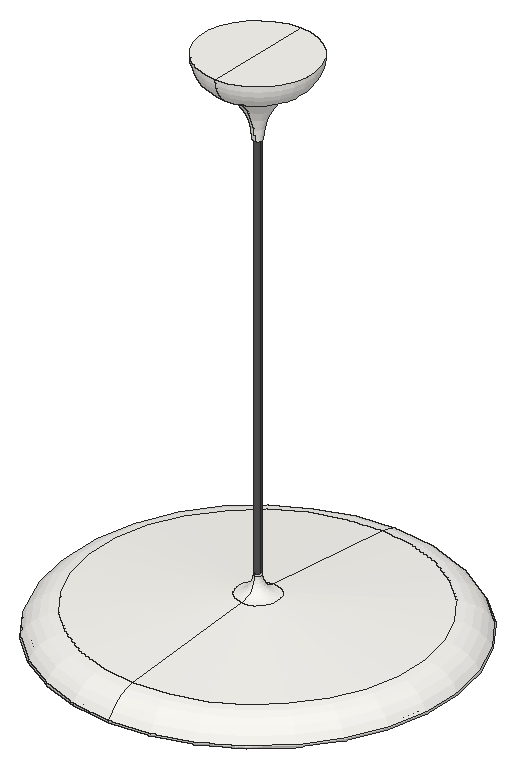
Revit family "Lighting_Pendants_Nordlux_Artist_40", category Lighting Fixtures, host Ceiling, Revit 2017
Family settings
  Host = Ceiling
  Round Connector Dimension = Use Diameter
  Part Type = Normal
  OmniClass Number = 23.80.70.11
  OmniClass Title = Luminaries for Internal Lighting
  Always vertical = Yes
  Cut with Voids When Loaded = No
  Light Source = Yes
  Shared = No
  Room Calculation Point = No
Parameters (values of type "Artist 40 - silver")
  Wattage = 9.82887 W
  WarrantyStartDate [instance] = "n/a"
  WarrantyGuarantorParts = "n/a"
  WarrantyGuarantorLabor = "n/a"
  WarrantyDurationUnit = "Hours"
  WarrantyDurationParts = "n/a"
  WarrantyDurationLabor = "n/a"
  WarrantyDescription = "n/a"
  built-in parameter 1150110 = 1 (stored number, unit not read)
  VersionDate = "01/07/2020"  # constant formula
  Version = "1"  # constant formula
  UsageCurrent = 0 A
  Uniclass2015Reference = "Pr_70_70_48_62"
  Uniclass2015Description = "Pendant  luminaires"
  Uniclass2 = "Pr_70_70_49_86"
  URL = "https://www.nordlux.com/products/product/83093054"
  TotalWattage = 24 W
  built-in parameter 1114217 = 1 (stored number, unit not read)
  Tilt Angle = 90.00°
  built-in parameter 1150109 = 1 (stored number, unit not read)
  built-in parameter 1150134 = (empty or 0)
  TagNumber [instance] = "n/a"
  SustainabilityPerformance = "n/a"
  built-in parameter 1150113 = 1 (stored number, unit not read)
  Socket = "LED MODUL"
  Size = "Shade: 400x400x60 mm / Canopy: 114x114x82 mm"
  Shape = "Sculptured"
  SerialNumber [instance] = "n/a"
  Revision = "1"  # constant formula
  ReplacementCost = "n/a"
  ProductInformation = "n/a"
  Product data url = "https://www.bimobject.com/nordlux/product/artist_40_pendant_led"
  Photometric Web File = "8309 Artist 40.ies"
  PhaseReference = "n/a"
  PhaseAngle = 0.00°
  NumberOfSources = 0
  NumberOfPoles = 1
  NominalWidth = NominalDiameter  # 400 mm
  NominalVoltageCalc = 0 V
  NominalVoltage = 230 V
  NominalRadius = NominalDiameter / 2  # 200 mm
  NominalLength = NominalDiameter  # 400 mm
  NominalHeight [instance] = CableLengthControl + 60 mm  # 560 mm
  NominalFrequencyRange = 50 Hz
  NominalDiameter = 400 mm
  NominalCurrent = 0 A
  Name = "Artist_40"  # constant formula
  NBSReference = "90-60-50/405"
  NBSDescription = "General purpose luminaires"
  ModelReference = ArticleNumber  # "83093054"
  ModelNumber = "n/a"
  Model = "Artist 40 - silver"
  Material = "Metal, plastic & textile"
  ManufacturersSpecificInformation = "n/a"
  ManufacturerURL = "https://www.nordlux.com/"
  ManufacturerName = "Nordlux"
  Manufacturer = "Nordlux"
  MaintenanceFactor = 0
  Lumens = 1460 lm
  LuminairePowerFactor = "0.98"
  built-in parameter 1150115 = 1 (stored number, unit not read)
  built-in parameter 1150105 = 505.18 (stored number, unit not read)
  LightSource = "Incl. 24W LED"
  LightFixtureSecondaryMaterial = Black cable
  LightFixturePlacingType = "Ceilling"
  LightFixtureMountingType = "Suspended"
  LightFixtureMainMaterial = Silver
  built-in parameter 1150137 = (empty or 0)
  built-in parameter 1150139 = (empty or 0)
  LensMaterial = Glass
  built-in parameter 1150112 = 1 (stored number, unit not read)
  built-in parameter 1150114 = 1 (stored number, unit not read)
  InsulationStandardClass = "Class 2 (Double isolated)"
  InstallationDate [instance] = "n/a"
  built-in parameter 1150132 = 2
  built-in parameter 1150102 = (empty or 0)
  built-in parameter 1150138 = (empty or 0)
  built-in parameter 1150107 = 2700 (stored number, unit not read)
  built-in parameter 1150106 = 5.0518 (stored number, unit not read)
  IfcExportType = "NOTDEFINED"  # constant formula
  IfcExportAs = "IfcLightFixtureType"  # constant formula
  IP_Code = "IP20"
  HasProtectiveEarth = no
  Grade = "n/a"
  Finish = "Primary material metal, secondary material plastic, textile cable."
  Features = "Textile cable 300cm. Cable can not be replaced."
  ExpectedLife = "20.000"
  EnergyClass = "A - A++"
  Emit from Circle Diameter = 380 mm
  Emit Shape Visible in Rendering = no
  ElectricalDeviceNominalPower = 0
  built-in parameter 1150104 = 13.8 (stored number, unit not read)
  EANNumber = "5701581386983"
  DurationUnit = "Hours"
  Dimming Lamp Color Temperature Shift = <None>
  Designer = "Bonnelycke MDD"
  Description = "With its timeless design and simple shape, ARTIST is a beautiful candidate for a future classic. As the name suggests, Artist is modeled on the world of music – inspired by a drum kit cymbal."
  DefaultElevation = 0 mm
  ConvergoRefNr = "0143-1909-0002-DK"
  Constituents = "n/a"
  ColourIndexRA = "80"
  Color Filter = 16777215
  Color = "Silver"
  Collection = "Artist"
  CodePerformance = "n/a"
  Category = "Indoor lighting"
  CableLengthControl [instance] = if(CableLength < 250 mm, 250 mm, if(CableLength > 3000 mm, 3000 mm, CableLength))  # 500 mm
  CableLength [instance] = 500 mm
  Brand = "Nordlux"
  Barcode [instance] = "n/a"
  built-in parameter 1114218 = 1 (stored number, unit not read)
  BIMObjectName = "Lighting_Pendants_Nordlux_Artist_40"  # constant formula
  Author = "Convergo AB"  # constant formula
  built-in parameter 1150133 = 10 (stored number, unit not read)
  AssetType = "Fixed"
  AssetIdentifier [instance] = "n/a"
  ArticleNumber = "83093054"
  AccessibilityPerformance = "n/a"
Types (4, lengths in mm): name | URL | ModelReference | Model | built-in parameter 1150105 | LightFixtureSecondaryMaterial | LightFixtureMainMaterial | built-in parameter 1150106 | EANNumber | Color | ArticleNumber
  Artist 40 - black | "https://www.nordlux.com/products/product/83093003" | "83093003" | "Artist 40 - black" | 526.88 (stored number, unit not read) | Black cable | Black | 5.2688 (stored number, unit not read) | "5701581345584" | "Black" | "83093003"
  Artist 40 - grey | "https://www.nordlux.com/products/product/83093010" | "83093010" | "Artist 40 - grey" | 526.88 (stored number, unit not read) | Grey cable | Grey | 5.2688 (stored number, unit not read) | "5701581301283" | "Grey" | "83093010"
  Artist 40 - copper | "https://www.nordlux.com/products/product/83093030" | "83093030" | "Artist 40 - copper" | 526.88 (stored number, unit not read) | Black cable | Copper | 5.2688 (stored number, unit not read) | "5701581301382" | "Copper" | "83093030"
  Artist 40 - silver | "https://www.nordlux.com/products/product/83093054" | "83093054" | "Artist 40 - silver" | 505.18 (stored number, unit not read) | Black cable | Silver | 5.0518 (stored number, unit not read) | "5701581386983" | "Silver" | "83093054"
Reference planes
  plane 1 "Light Source Axis (F/B)": y = 0
  plane 2: z = 0
  plane 3 "Light Source Axis (L/R)": x = 0
  plane 4 "Ceiling": z = 4000
  plane 5 "Light Source Elevation": z = 3442
  plane 6: z = 3500
  plane 7: z = 3440
  plane 8: x = -200
  plane 9: y = 200
  plane 10: x = 200
  plane 11: y = -200
Forms (mm)
  Extrusion 1, solid, material "Silver" <- "LightFixtureMainMaterial", detail levels coarse
    sketch origin (0, 0, 3442) x (-1, 0, 0) y (0, -1, 0)
      loop
        line (200, -200) -> (200, 200) -> (-200, 200) -> (-200, -200) -> (200, -200)
    from -2 to 558
Dimensions and locks
  equal spacing: host sketch curve, plane 3 "Light Source Axis (L/R)", host sketch curve
  equal spacing: host sketch curve, plane 1 "Light Source Axis (F/B)", host sketch curve
  host sketch curve to host sketch curve = 4000 mm  (x2)
  locked: plane 4 "Ceiling" to host ceiling at 0
  "CableLengthControl": plane 6 to plane 4 "Ceiling"
  locked: plane 7 to plane 5 "Light Source Elevation" at 2
  equal spacing: plane 11, plane 1 "Light Source Axis (F/B)", plane 9
  "NominalDiameter": plane 9 to plane 11
  equal spacing: plane 8, plane 3 "Light Source Axis (L/R)", plane 10
  "NominalDiameter": plane 8 to plane 10
  "NominalHeight": plane 7 to plane 4 "Ceiling"
  aligned and locked: plane 3 "Light Source Axis (L/R)" to imposter light
  aligned and locked: plane 1 "Light Source Axis (F/B)" to imposter light
  aligned and locked: plane 5 "Light Source Elevation" to imposter light
  aligned and locked: nested 1 to plane 6
  aligned and locked: nested 2 to plane 4 "Ceiling"
  aligned and locked: Extrusion 1 to plane 4 "Ceiling"
  aligned and locked: Extrusion 1 to plane 7
  aligned and locked: plane 9 to Extrusion 1 sketch curve
  aligned and locked: plane 10 to Extrusion 1 sketch curve
  aligned and locked: plane 11 to Extrusion 1 sketch curve
  aligned and locked: plane 8 to Extrusion 1 sketch curve
Nested families
  nested 1: "Artist_40" at (0, 0, 3440), Metal <- "LightFixtureMainMaterial", Glass <- "LensMaterial", type "Artist_40"
    with Metal Silver, Glass Glass
  nested 2: "Artist_Cable" at (0, 0, 4000) x (1, 0, 0) z (0, 0, -1), CableLength <- "CableLengthControl", Metal <- "LightFixtureMainMaterial", Cable <- "LightFixtureSecondaryMaterial", type "Artist_Cable"
    with Metal Silver, CableLength 500 mm, Cable Black cable
Connectors
  electrical at (0, 0, 4000), driven by "NominalVoltage", driven by "NumberOfPoles"
    settings: on nested 2, index 1, voltage 230 V, apparent load 0 VA, apparent load phase1 0 VA, apparent load phase2 0 VA, apparent load phase3 0 VA, power factor 1, load classification "Other", number of poles 1, system type 31, power factor state 1, is connector primary yes, connector utility no, sub classification motor no, connector description ""
Definition of nested family "Artist_40"
  Parameters (values of type "Artist_40")
    Glass [instance] = none
    Metal [instance] = none
  Reference planes
    plane 1 "Center (Front/Back)": y = 0
    plane 2: z = 0
    plane 3 "Center (Left/Right)": x = 0
    plane 4: z = 60
    plane 5: z = 2
    plane 6: x = -199.998
    plane 7: y = 199.998
    plane 8: y = -199.998
    plane 9: x = 199.998
  Forms (mm)
    Revolve 1, solid, material <- "Metal", detail levels medium+fine
      sketch origin (0, 0, 0) x (0, 1, 0) y (0, 0, 1)
        loop
          line (0, 2) -> (198.04, 2)
          arc (198.04, 2) -> (199.717, 2.932) -> (199.81, 4.847) r 1.973
          arc (199.81, 4.847) -> (186.572, 20.096) -> (167.56, 26.901) r 39.863
          line (167.56, 26.901) -> (21.088, 39.774)
          arc (21.088, 39.774) -> (8.74, 45.868) -> (3.75, 58.702) r 19.001
          line (3.75, 58.702) -> (3.75, 60) -> (0, 60) -> (0, 2)
        axis (0, 60) -> (0, 2)
      angle from 0 to 360
    Revolve 2, solid, material <- "Glass", detail levels medium+fine
      sketch origin (0, 25, 0) x (0, 1, 0) y (0, 0, 1)
        loop
          line (-25, 0) -> (163.671, 0)
          arc (163.671, 0) -> (165.085, 0.586) -> (165.671, 2) r 2
          line (165.671, 2) -> (-25, 2) -> (-25, 0)
        axis (-25, 2) -> (-25, 0)
      angle from 0 to 360
  Lines and regions (mm)
    symbolic lines, detail levels medium+fine
      curve 1: circle (0, 0, 0) r 200 normal (0, 0, 1)
      curve 5: line (0, 3.75, 58.702) -> (0, 3.75, 60)
      curve 6: line (0, -3.75, 58.702) -> (0, -3.75, 60)
      curve 7: line (0, 3.75, 60) -> (0, 3, 60)
      curve 8: line (0, -3.75, 60) -> (0, -3, 60)
      curve 11: line (-3, 0, 60) -> (-3.75, 0, 60)
      curve 12: line (3, 0, 60) -> (3.75, 0, 60)
      curve 13: line (3.75, 0, 58.702) -> (3.75, 0, 60)
      curve 14: line (-3.75, 0, 58.702) -> (-3.75, 0, 60)
      curve 15: arc (0, 21.088, 39.774) -> (0, 8.74, 45.868) -> (0, 3.75, 58.702) r 19.001
      curve 16: line (0, 167.56, 26.901) -> (0, 21.088, 39.774)
      curve 17: arc (0, 199.81, 4.847) -> (0, 186.572, 20.096) -> (0, 167.56, 26.901) r 39.863
      curve 18: arc (0, 198.04, 2) -> (0, 199.717, 2.932) -> (0, 199.81, 4.847) r 1.973
      curve 19: line (0, 198.04, 2) -> (0, 190.671, 2)
      curve 20: arc (0, 188.671, 0) -> (0, 190.085, 0.586) -> (0, 190.671, 2) r 2
      curve 21: line (0, 188.671, 0) -> (0, 0, 0)
      curve 23: arc (0, -21.088, 39.774) -> (0, -8.74, 45.868) -> (0, -3.75, 58.702) r 19.001
      curve 24: line (0, -167.56, 26.901) -> (0, -21.088, 39.774)
      curve 25: arc (0, -199.81, 4.847) -> (0, -186.572, 20.096) -> (0, -167.56, 26.901) r 39.863
      curve 26: arc (0, -198.04, 2) -> (0, -199.717, 2.932) -> (0, -199.81, 4.847) r 1.973
      curve 27: line (0, -198.04, 2) -> (0, -190.671, 2)
      curve 29: line (0, -188.671, 0) -> (0, 0, 0)
      curve 30: arc (0, -188.671, 0) -> (0, -190.085, 0.586) -> (0, -190.671, 2) r 2
      curve 31: arc (-3.75, 0, 58.702) -> (-8.74, 0, 45.868) -> (-21.088, 0, 39.774) r 19.001
      curve 32: line (-21.088, 0, 39.774) -> (-167.56, 0, 26.901)
      curve 33: arc (-167.56, 0, 26.901) -> (-186.572, 0, 20.096) -> (-199.81, 0, 4.847) r 39.863
      curve 34: arc (-199.81, 0, 4.847) -> (-199.717, 0, 2.932) -> (-198.04, 0, 2) r 1.973
      curve 36: arc (-190.671, 0, 2) -> (-190.085, 0, 0.586) -> (-188.671, 0, 0) r 2
      curve 37: line (0, 0, 0) -> (-188.671, 0, 0)
      curve 38: line (-190.671, 0, 2) -> (-198.04, 0, 2)
      curve 39: arc (3.75, 0, 58.702) -> (8.74, 0, 45.868) -> (21.088, 0, 39.774) r 19.001
      curve 40: line (21.088, 0, 39.774) -> (167.56, 0, 26.901)
      curve 41: arc (167.56, 0, 26.901) -> (186.572, 0, 20.096) -> (199.81, 0, 4.847) r 39.863
      curve 42: arc (199.81, 0, 4.847) -> (199.717, 0, 2.932) -> (198.04, 0, 2) r 1.973
      curve 44: arc (190.671, 0, 2) -> (190.085, 0, 0.586) -> (188.671, 0, 0) r 2
      curve 45: line (0, 0, 0) -> (188.671, 0, 0)
      curve 46: line (190.671, 0, 2) -> (198.04, 0, 2)
    symbolic lines, detail levels fine
      curve 2: circle (0, 0, 0) r 190.671 normal (0, 0, 1)
      curve 3: line (0, 3, 60) -> (0, 0, 60)
      curve 4: line (0, -3, 60) -> (0, 0, 60)
      curve 9: line (0, 0, 60) -> (-3, 0, 60)
      curve 10: line (0, 0, 60) -> (3, 0, 60)
      curve 22: line (0, 190.671, 2) -> (0, 0, 2)
      curve 28: line (0, -190.671, 2) -> (0, 0, 2)
      curve 35: line (0, 0, 2) -> (-190.671, 0, 2)
      curve 43: line (0, 0, 2) -> (190.671, 0, 2)
  Dimensions and locks
    aligned and locked: level to plane 2
Definition of nested family "Artist_Cable"
  Parameters (values of type "Artist_Cable")
    Default Elevation = 1219.2 mm
    CableLength [instance] = 250 mm
    Cable [instance] = none
    Metal [instance] = none
  Reference planes
    plane 1 "Center (Front/Back)": y = 0
    plane 2: z = 0
    plane 3 "Center (Left/Right)": x = 0
  Forms (mm)
    Revolve 1, solid, material <- "Metal", detail levels medium+fine
      sketch origin (0, 0, 0) x (0, 1, 0) y (0, 0, 1)
        loop
          line (4.673, 81.85) -> (0, 81.85) -> (0, 0) -> (57.493, 0)
          arc (57.493, 0) -> (52.513, 16.914) -> (39.163, 28.433) r 31.217
          arc (39.163, 28.433) -> (14.066, 50.071) -> (4.673, 81.85) r 58.741
        axis (0, 81.85) -> (0, 0)
      angle from 0 to 360
    Extrusion 2, solid, material <- "Cable", detail levels medium+fine
      sketch origin (0, 0, 0) x (1, 0, 0) y (0, 1, 0)
        loop
          circle (0, 0) r 3
      from 81.85 to 250 <- "CableLength"
  Lines and regions (mm)
    symbolic lines, detail levels medium+fine
      curve 1: line (0, 57.493, 0) -> (0, 0, 0)
      curve 2: arc (0, 57.493, 0) -> (0, 52.513, 16.914) -> (0, 39.163, 28.433) r 31.217
      curve 3: arc (0, 39.163, 28.433) -> (0, 14.066, 50.071) -> (0, 4.673, 81.85) r 58.741
      curve 4: line (0, 4.673, 81.85) -> (0, 3, 81.85)
      curve 5: line (0, 3, 250) -> (0, 3, 81.85)
      curve 7: line (0, -57.493, 0) -> (0, 0, 0)
      curve 8: arc (0, -57.493, 0) -> (0, -52.513, 16.914) -> (0, -39.163, 28.433) r 31.217
      curve 9: arc (0, -39.163, 28.433) -> (0, -14.066, 50.071) -> (0, -4.673, 81.85) r 58.741
      curve 10: line (0, -4.673, 81.85) -> (0, -3, 81.85)
      curve 11: line (0, -3, 250) -> (0, -3, 81.85)
      curve 13: arc (-39.163, 0, 28.433) -> (-52.513, 0, 16.914) -> (-57.493, 0, 0) r 31.217
      curve 14: line (0, 0, 0) -> (-57.493, 0, 0)
      curve 15: arc (-4.673, 0, 81.85) -> (-14.066, 0, 50.071) -> (-39.163, 0, 28.433) r 58.741
      curve 16: line (-3, 0, 81.85) -> (-4.673, 0, 81.85)
      curve 18: line (-3, 0, 81.85) -> (-3, 0, 250)
      curve 19: arc (39.163, 0, 28.433) -> (52.513, 0, 16.914) -> (57.493, 0, 0) r 31.217
      curve 20: line (0, 0, 0) -> (57.493, 0, 0)
      curve 21: arc (4.673, 0, 81.85) -> (14.066, 0, 50.071) -> (39.163, 0, 28.433) r 58.741
      curve 22: line (3, 0, 81.85) -> (4.673, 0, 81.85)
      curve 24: line (3, 0, 81.85) -> (3, 0, 250)
    symbolic lines, detail levels fine
      curve 6: line (0, 3, 81.85) -> (0, 0, 81.85)
      curve 12: line (0, -3, 81.85) -> (0, 0, 81.85)
      curve 17: line (-3, 0, 81.85) -> (0, 0, 81.85)
      curve 23: line (3, 0, 81.85) -> (0, 0, 81.85)
  Dimensions and locks
    aligned and locked: level to plane 2
    aligned and locked: Extrusion 2 to curve 5
    aligned and locked: curve 11 to Extrusion 2
    aligned and locked: Extrusion 2 to curve 18
    aligned and locked: curve 24 to Extrusion 2
